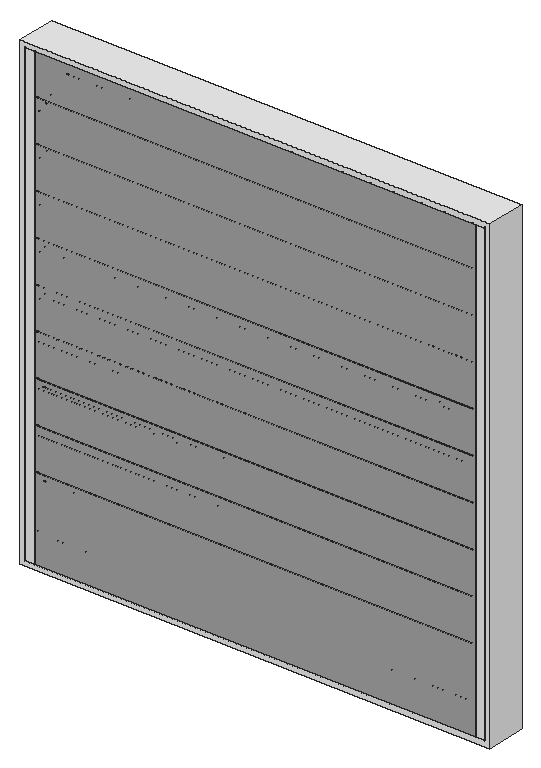
Revit family
Parameters (values of type "Louver_Combo_EBE-445_All-Lite")
  URL = "http://www.alllite-louvers.com"
  Spacing = 0.417 ft
  SmartBIM Object Version = 3  # constant formula
  SmartBIM Object Created By = "Reed Construction Data"  # constant formula
  Shim Thickness = 0.042 ft
  Screen Width = Width - (2 * Shim Thickness) - 2 * 0.083333 ft  # 3.749333 ft
  Screen Height = Height - (2 * Shim Thickness) - 2 * 0.098958 ft  # 3.718083 ft
  Screen = Aluminum
  Rough Width = 0.0 ft
  Rough Height = 0.0 ft
  Product URL = "http://www.alllite-louvers.com/catalog.php?model=EBE-445"
  Pressure Loss (in.wg.) = "0.10"  # constant formula
  OmniClass Title = "Exterior Louvers and Grilles"  # constant formula
  OmniClass Code = "23-60 11 17"  # constant formula
  Model Number = "EBE-445"  # constant formula
  Minimum Size = "12\" x 12\""
  Maximum Size - Single Section = "48\" x 120\""
  Maximum Size - Multiple Section = "Unlimited"
  Manufacturer = "All-Lite"  # constant formula
  Louver Width = Width - (2 * Shim Thickness) - 0.166667 ft  # 3.749333 ft
  Louver = Mill finish, 6063-T5 Extruded Aluminum
  Installation = "http://www.alllite-louvers.com/catalog/Installation.pdf"
  Height = 4.0 ft
  Free Area for 48”x48” Louver = "49.4%"
  Free Area Velocity (fpm) = "689"  # constant formula
  Free Area (ft²) for 48"x48" Louver = 7.9 ft
  Frame = Mill finish, 6063-T5 Extruded Aluminum
  Default Sill Height = 3.0 ft
  Wall Closure = (empty or 0)
  Width = 4.0 ft
  Cut Sheet = "http://www.alllite-louvers.com/catalog/AEBE445.pdf"
  Assembly Code = "B2010300"
  Air Volume Delivered (cfm) = "5,396"  # constant formula
  95 CSI = "10200 "  # constant formula
  04 CSI = "08 91 00"  # constant formula
  # of Louvers = (Height - 0.25 ft) / (Spacing)  # 9
Reference planes (ft)
  plane 1 "Center (Front/Back)": y = 0
  plane 2: z = 0.291667
  plane 3 "Center (Left/Right)": x = 0
  plane 4 "Left": x = -2
  plane 5 "Right": x = 2
  plane 6 "Sill": z = 3.291667
  plane 7 "Top": z = 7.291667
  plane 8: x = -1.958
  plane 9: x = 1.958
  plane 10: z = 7.249667
  plane 11: z = 3.333667
  plane 12: z = 5.291667
  plane 13: z = 6.930506
  plane 14: z = 6.513839
  plane 15: z = 3.652827
Forms (ft)
  Sweep 1, solid, material "Mill finish, 6063-T5 Extruded Aluminum" <- "Frame"
    path origin (-5, 0.333333, 0) x (-1, 0, 0) y (0, 0, 1)
      loop
        line (-6.874667, 7.249667) -> (-3.125333, 7.249667)
    profile "Head Horizontal Mullion : Head Horizontal Mullion" origin (0, 0.333333, 7.249667) x (0, 0, 1) y (0, 1, 0)
      loop
        arc (-0.070516, -0.250143) -> (-0.066098, -0.250275) -> (-0.065966, -0.245857) r 0.003125
        arc (-0.065966, -0.245857) -> (-0.072458, -0.24206) -> (-0.079973, -0.242379) r 0.013333
        arc (-0.079973, -0.242379) -> (-0.082687, -0.24204) -> (-0.084094, -0.239694) r 0.003125
        line (-0.084094, -0.239694) -> (-0.091772, -0.151927) -> (-0.077226, -0.00675) -> (-0.00675, -0.00675) -> (-0.00675, -0.03125) -> (0, -0.03125) -> (0, 0) -> (-0.083333, 0) -> (-0.098239, -0.148762)
        arc (-0.098239, -0.148762) -> (-0.100294, -0.151392) -> (-0.103551, -0.150667) r 0.003125
        line (-0.103551, -0.150667) -> (-0.252247, -0.002871)
        arc (-0.252247, -0.002871) -> (-0.255444, -0.000746) -> (-0.259209, 0) r 0.009875
        line (-0.259209, 0) -> (-0.315786, 0)
        arc (-0.315786, 0) -> (-0.319161, -0.003375) -> (-0.315786, -0.00675) r 0.003375
        line (-0.315786, -0.00675) -> (-0.25792, -0.00675) -> (-0.203148, -0.06119)
        arc (-0.203148, -0.06119) -> (-0.202259, -0.06386) -> (-0.203876, -0.066162) r 0.003125
        arc (-0.203876, -0.066162) -> (-0.205688, -0.067329) -> (-0.207288, -0.068774) r 0.013333
        arc (-0.207288, -0.068774) -> (-0.207157, -0.073191) -> (-0.202739, -0.07306) r 0.003125
        arc (-0.202739, -0.07306) -> (-0.1905, -0.077917) -> (-0.202739, -0.082774) r 0.007083
        arc (-0.202739, -0.082774) -> (-0.207157, -0.082642) -> (-0.207288, -0.08706) r 0.003125
        arc (-0.207288, -0.08706) -> (-0.195788, -0.091129) -> (-0.18579, -0.084138) r 0.013333
        arc (-0.18579, -0.084138) -> (-0.183498, -0.082507) -> (-0.180823, -0.08338) r 0.003125
        line (-0.180823, -0.08338) -> (-0.099031, -0.164677)
        arc (-0.099031, -0.164677) -> (-0.097676, -0.166602) -> (-0.097065, -0.168876) r 0.00675
        line (-0.097065, -0.168876) -> (-0.083333, -0.325833) -> (0, -0.325833) -> (0, -0.294583) -> (-0.00675, -0.294583) -> (-0.00675, -0.319083) -> (-0.077148, -0.319083) -> (-0.081308, -0.271536)
        arc (-0.081308, -0.271536) -> (-0.08033, -0.268982) -> (-0.077716, -0.268176) r 0.003125
        arc (-0.077716, -0.268176) -> (-0.071343, -0.267611) -> (-0.065966, -0.264143) r 0.013333
        arc (-0.065966, -0.264143) -> (-0.066098, -0.259725) -> (-0.070516, -0.259857) r 0.003125
        arc (-0.070516, -0.259857) -> (-0.082755, -0.255) -> (-0.070516, -0.250143) r 0.007083
  Sweep 2, solid, material "Mill finish, 6063-T5 Extruded Aluminum" <- "Frame"
    path origin (-5, 0.333333, 0) x (-1, 0, 0) y (0, 0, 1)
      loop
        line (-6.874667, 3.333667) -> (-3.125333, 3.333667)
    profile "Horizontal Mullion : Horizontal Mullion" origin (0, 0.333333, 3.333667) x (0, 0, 1) y (0, 1, 0)
      loop
        arc (0.070516, -0.07569) -> (0.066098, -0.075559) -> (0.065966, -0.079976) r 0.003125
        arc (0.065966, -0.079976) -> (0.072458, -0.083774) -> (0.079973, -0.083454) r 0.013333
        arc (0.079973, -0.083454) -> (0.082687, -0.083794) -> (0.084094, -0.086139) r 0.003125
        line (0.084094, -0.086139) -> (0.091772, -0.173906) -> (0.077226, -0.319083) -> (0.00675, -0.319083) -> (0.00675, -0.294583) -> (0, -0.294583) -> (0, -0.325833) -> (0.083333, -0.325833) -> (0.098239, -0.177072)
        arc (0.098239, -0.177072) -> (0.100294, -0.174442) -> (0.103551, -0.175167) r 0.003125
        line (0.103551, -0.175167) -> (0.252247, -0.322962)
        arc (0.252247, -0.322962) -> (0.255444, -0.325087) -> (0.259209, -0.325833) r 0.009875
        line (0.259209, -0.325833) -> (0.315786, -0.325833)
        arc (0.315786, -0.325833) -> (0.319161, -0.322458) -> (0.315786, -0.319083) r 0.003375
        line (0.315786, -0.319083) -> (0.25792, -0.319083) -> (0.203148, -0.264643)
        arc (0.203148, -0.264643) -> (0.202259, -0.261974) -> (0.203876, -0.259672) r 0.003125
        arc (0.203876, -0.259672) -> (0.205688, -0.258504) -> (0.207288, -0.25706) r 0.013333
        arc (0.207288, -0.25706) -> (0.207157, -0.252642) -> (0.202739, -0.252774) r 0.003125
        arc (0.202739, -0.252774) -> (0.1905, -0.247917) -> (0.202739, -0.24306) r 0.007083
        arc (0.202739, -0.24306) -> (0.207157, -0.243191) -> (0.207288, -0.238774) r 0.003125
        arc (0.207288, -0.238774) -> (0.195788, -0.234705) -> (0.18579, -0.241695) r 0.013333
        arc (0.18579, -0.241695) -> (0.183498, -0.243326) -> (0.180823, -0.242454) r 0.003125
        line (0.180823, -0.242454) -> (0.099031, -0.161157)
        arc (0.099031, -0.161157) -> (0.097676, -0.159231) -> (0.097065, -0.156958) r 0.00675
        line (0.097065, -0.156958) -> (0.083333, 0) -> (0, 0) -> (0, -0.03125) -> (0.00675, -0.03125) -> (0.00675, -0.00675) -> (0.077148, -0.00675) -> (0.081308, -0.054297)
        arc (0.081308, -0.054297) -> (0.08033, -0.056852) -> (0.077716, -0.057658) r 0.003125
        arc (0.077716, -0.057658) -> (0.071343, -0.058222) -> (0.065966, -0.06169) r 0.013333
        arc (0.065966, -0.06169) -> (0.066098, -0.066108) -> (0.070516, -0.065976) r 0.003125
        arc (0.070516, -0.065976) -> (0.082755, -0.070833) -> (0.070516, -0.07569) r 0.007083
  Sweep 3, solid, material "Mill finish, 6063-T5 Extruded Aluminum" <- "Frame"
    path origin (-5, 0.333333, 0) x (-1, 0, 0) y (0, 0, 1)
      loop
        line (-6.958, 3.333667) -> (-6.958, 7.249667)
    profile "Vertical Mullion : Vertical Mullion" origin (1.958, 0.333333, 5.291667) x (1, 0, 0) y (0, 1, 0)
      loop
        line (-0.010417, -0.010417) -> (-0.010417, -0.041667) -> (0, -0.041667) -> (0, 0) -> (-0.083333, 0) -> (-0.083333, -0.333247) -> (0, -0.333247) -> (0, -0.291581) -> (-0.010417, -0.291581) -> (-0.010417, -0.322831) -> (-0.072917, -0.322831) -> (-0.072917, -0.010417) -> (-0.010417, -0.010417)
  Sweep 4, solid, material "Mill finish, 6063-T5 Extruded Aluminum" <- "Frame"
    path origin (5, 0.333333, 0) x (1, 0, 0) y (0, 0, -1)
      loop
        line (-6.958, -3.333667) -> (-6.958, -7.249667)
    profile "Vertical Mullion : Vertical Mullion" origin (-1.958, 0.333333, 5.291667) x (1, 0, 0) y (0, 1, 0)
      loop
        line (0.010417, -0.010417) -> (0.072917, -0.010417) -> (0.072917, -0.322831) -> (0.010417, -0.322831) -> (0.010417, -0.291581) -> (0, -0.291581) -> (0, -0.333247) -> (0.083333, -0.333247) -> (0.083333, 0) -> (0, 0) -> (0, -0.041667) -> (0.010417, -0.041667) -> (0.010417, -0.010417)
  Sweep 5, solid, material "Mill finish, 6063-T5 Extruded Aluminum" <- "Frame"
    path origin (-5, 0.333333, 0) x (-1, 0, 0) y (0, 0, 1)
      loop
        line (-3, 7.291667) -> (-7, 7.291667) -> (-7, 3.291667) -> (-3, 3.291667) -> (-3, 7.291667)
    profile origin (-2, 0.333333, 5.291667) x (0, 1, 0) y (-1, 0, 0)
      loop
        line (0, 0) -> (-0.333333, 0) -> (-0.333333, -0.042) -> (0, -0.042) -> (0, 0)
  Extrusion 6, solid, material "Aluminum" <- "Screen"
    sketch origin (1.385417, 0.0075, 7.25) x (-1, 0, 0) y (0, 0, -1)
      loop
        line (3.260083, 0.000333) -> (3.260083, 3.916333) -> (-0.48925, 3.916333) -> (-0.48925, 0.000333) -> (3.260083, 0.000333)
    from 0.007414 to 0
Cuts and joins
  joined: Sweep 2, Sweep 3, Sweep 4
Lines and regions (ft)
  Opening 1
    outline origin (-5, -0.333333, 0) x (1, 0, 0) y (0, 0, 1)
      loop
        line (3, 7.291667) -> (3, 3.291667) -> (7, 3.291667) -> (7, 7.291667) -> (3, 7.291667)
  Masking region 1, detail levels coarse+medium
    outline origin (0, 0, 0) x (1, 0, 0) y (0, 1, 0)
      loop
        line (-1.874667, 0.000086) -> (-1.874667, 0.333333) -> (-2, 0.333333) -> (-2, 0.000086) -> (-1.874667, 0.000086)
      loop
        line (2, 0) -> (2, 0.333333) -> (1.874667, 0.333333) -> (1.874667, 0) -> (2, 0)
  Masking region 2, detail levels fine
    outline origin (0, 0, 0) x (1, 0, 0) y (0, 1, 0)
      loop
        line (1.885083, 0.322917) -> (1.947583, 0.322917) -> (1.947583, 0.291667) -> (1.958, 0.291667) -> (1.958, 0.333333) -> (1.874667, 0.333333) -> (1.874667, 0) -> (1.958, 0) -> (1.958, 0.041753) -> (1.947583, 0.041753) -> (1.947583, 0.010503) -> (1.885083, 0.010503) -> (1.885083, 0.322917)
      loop
        line (-1.947583, 0.322917) -> (-1.885083, 0.322917) -> (-1.885083, 0.010503) -> (-1.947583, 0.010503) -> (-1.947583, 0.041753) -> (-1.958, 0.041753) -> (-1.958, 0) -> (-1.874667, 0) -> (-1.874667, 0.333333) -> (-1.958, 0.333333) -> (-1.958, 0.291667) -> (-1.947583, 0.291667) -> (-1.947583, 0.322917)
Text (ft)
  text "EXTERIOR" at (-4.890733, 4.242245, 0), in view "Ref. Level"
  text "INTERIOR" at (-4.890733, -3.147199, 0), in view "Ref. Level"
  text "Exterior" at (0, 3.638026, 10.266337), in view "Left"
  text "Exterior" at (0, 1.524487, 10.420622), in view "Right"
Dimensions and locks (ft)
  equal spacing: plane 4 "Left", plane 3 "Center (Left/Right)", plane 5 "Right"
  "Width": plane 4 "Left" to plane 5 "Right"
  "Height": plane 6 "Sill" to plane 7 "Top"
  "Default Sill Height": plane 2 to plane 6 "Sill"
  "Shim Thickness": plane 4 "Left" to plane 8
  "Shim Thickness": plane 9 to plane 5 "Right"
  "Shim Thickness": plane 10 to plane 7 "Top"
  "Shim Thickness": plane 6 "Sill" to plane 11
  equal spacing: plane 11, plane 12, plane 10
  Sweep 5 to Sweep 5 = 0.333333 ft
  locked: plane 10 to plane 13 at 0.319161
  locked: plane 13 to plane 14 at 0.416667
  locked: plane 11 to plane 15 at 0.319161
  equal spacing: group 1, group 3, group 4, group 5, group 6, group 7, group 8, group 9, group 2  (x2)
  equal spacing: group 2, group 9, group 8, group 7, group 6, group 5, group 4, group 3, group 1
  aligned and locked: plane 7 "Top" to Opening 1 sketch curve
  aligned and locked: plane 6 "Sill" to Opening 1 sketch curve  (x2)
  aligned and locked: plane 5 "Right" to Opening 1 sketch curve
  aligned and locked: plane 4 "Left" to Opening 1 sketch curve
  aligned and locked: plane 10 to Sweep 1 sketch curve
  aligned and locked: Sweep 2 sketch curve to plane 11
  aligned and locked: plane 9 to Sweep 3 sketch curve
  aligned and locked: Sweep 4 sketch curve to plane 8
  aligned and locked: Sweep 5 sketch curve to plane 4 "Left"
  aligned and locked: Sweep 5 sketch curve to plane 7 "Top"
  aligned and locked: Sweep 5 sketch curve to plane 6 "Sill"
  aligned and locked: Sweep 5 sketch curve to plane 5 "Right"
  aligned and locked: Sweep 5 sketch curve to host wall  (x2)
  aligned and locked: plane 8 to Sweep 5 sketch curve
  aligned and locked: plane 10 to Sweep 4 sketch curve
  aligned and locked: profile plane to host wall
  aligned and locked: Sweep 1 sketch curve to cut or joined group of Sweep 2, Sweep 3, Sweep 4  (x2)
  aligned and locked: plane 11 to Sweep 4 sketch curve
  aligned and locked: plane 11 to Sweep 3 sketch curve
  aligned and locked: plane 14 to nested 1
  aligned and locked: Sweep 5 to nested 1
  aligned and locked: nested 2 to plane 15
  aligned and locked: Sweep 5 to nested 2
  aligned and locked: cut or joined group of Sweep 2, Sweep 3, Sweep 4 to Extrusion 6 sketch curve
  aligned and locked: Extrusion 6 to Sweep 1
  aligned and locked: cut or joined group of Sweep 2, Sweep 3, Sweep 4 to Extrusion 6
  aligned and locked: Sweep 5 to Extrusion 6 sketch curve  (x2)
  aligned and locked: Extrusion 6 sketch curve to cut or joined group of Sweep 2, Sweep 3, Sweep 4
  aligned and locked: Masking region 1 sketch curve to cut or joined group of Sweep 2, Sweep 3, Sweep 4  (x3)
  aligned and locked: Masking region 1 sketch curve to Extrusion 6
  aligned and locked: Masking region 1 sketch curve to host wall
  aligned and locked: host wall to Masking region 1 sketch curve
  aligned and locked: Masking region 1 sketch curve to Sweep 5  (x2)
  aligned and locked: Masking region 2 sketch curve to cut or joined group of Sweep 2, Sweep 3, Sweep 4  (x15)
  aligned and locked: Masking region 2 sketch curve to nested 2  (x2)
  aligned and locked: Sweep 5 to Masking region 2 sketch curve  (x4)
  aligned and locked: Masking region 2 sketch curve to plane 8
Automatic sketch dimensions
  Sweep 3 sketch curve to plane 10 = 0.0 ft
  plane 9 to Sweep 2 sketch curve = 0.083333 ft
  plane 8 to Sweep 2 sketch curve = 0.083333 ft
  Masking region 2 sketch curve to plane 9 = 0.0 ft
  Masking region 2 sketch curve to host wall = 0.0 ft
Nested families (ft)
  nested 1: "Louver Single" at (0, 0.25273, 6.513839), type "Louver"
  nested 2: "Louver Single" at (0, 0.25273, 3.652827), type "Louver"
  nested 3: "Louver Single" at (0, 0.25273, 6.156213), type "Louver"
  nested 4: "Louver Single" at (0, 0.25273, 5.798586), type "Louver"
  nested 5: "Louver Single" at (0, 0.25273, 5.44096), type "Louver"
  nested 6: "Louver Single" at (0, 0.25273, 5.083333), type "Louver"
  nested 7: "Louver Single" at (0, 0.25273, 4.725707), type "Louver"
  nested 8: "Louver Single" at (0, 0.25273, 4.36808), type "Louver"
  nested 9: "Louver Single" at (0, 0.25273, 4.010454), type "Louver"
Connectors (ft)
  hvac at (0, 0.0075, 5.291667), driven by "Screen Height", driven by "Screen Width"
    settings: on Extrusion 6, index 1
Definition of nested family "Louver Single"
  Parameters (values of type "Louver")
    Louver Length = 3.75 ft
    Depth = 0.333333 ft
    Louver Single = yes
    Louver = none
    Assembly Code = ""
  Reference planes (ft)
    plane 1 "Center (Front/Back)": y = -0.085938
    plane 2: z = 0
    plane 3 "Center (Left/Right)": x = 0
    plane 4: x = -1.875
    plane 5: x = 1.875
    plane 6: y = -0.24523
    plane 7: z = 0.44375
  Forms (ft)
    Extrusion 1, solid, material <- "Louver"
      sketch origin (0, -0.243702, 0.474531) x (0, 1, 0) y (0, 0, 1)
        loop
          line (0.089076, -0.154919) -> (0.006535, -0.090431)
          arc (0.006535, -0.090431) -> (0.005568, -0.089236) -> (0.005222, -0.087739) r 0.003417
          line (0.005222, -0.087739) -> (0.005222, -0.034156)
          arc (0.005222, -0.034156) -> (0.001847, -0.030781) -> (-0.001528, -0.034156) r 0.003375
          line (-0.001528, -0.034156) -> (-0.001528, -0.089405)
          arc (-0.001528, -0.089405) -> (-0.000845, -0.092364) -> (0.001066, -0.094724) r 0.00675
          line (0.001066, -0.094724) -> (0.079176, -0.15575)
          arc (0.079176, -0.15575) -> (0.076742, -0.162083) -> (0.076659, -0.168866) r 0.019225
          arc (0.076659, -0.168866) -> (0.067245, -0.172316) -> (0.062635, -0.181219) r 0.013833
          arc (0.062635, -0.181219) -> (0.06563, -0.184936) -> (0.069346, -0.181941) r 0.003375
          arc (0.069346, -0.181941) -> (0.081497, -0.17779) -> (0.076862, -0.189765) r 0.007083
          arc (0.076862, -0.189765) -> (0.07372, -0.193358) -> (0.077313, -0.1965) r 0.003375
          arc (0.077313, -0.1965) -> (0.08321, -0.194732) -> (0.087756, -0.190581) r 0.013833
          arc (0.087756, -0.190581) -> (0.090197, -0.18916) -> (0.092852, -0.190123) r 0.003333
          line (0.092852, -0.190123) -> (0.246046, -0.343317)
          arc (0.246046, -0.343317) -> (0.247009, -0.345972) -> (0.245589, -0.348413) r 0.003333
          arc (0.245589, -0.348413) -> (0.241437, -0.35296) -> (0.23967, -0.358857) r 0.013833
          arc (0.23967, -0.358857) -> (0.242812, -0.36245) -> (0.246405, -0.359308) r 0.003375
          arc (0.246405, -0.359308) -> (0.258481, -0.354772) -> (0.253945, -0.366848) r 0.007083
          arc (0.253945, -0.366848) -> (0.250803, -0.370441) -> (0.254396, -0.373583) r 0.003375
          arc (0.254396, -0.373583) -> (0.260293, -0.371815) -> (0.264839, -0.367664) r 0.013833
          arc (0.264839, -0.367664) -> (0.26728, -0.366243) -> (0.269935, -0.367206) r 0.003333
          line (0.269935, -0.367206) -> (0.316567, -0.413838)
          arc (0.316567, -0.413838) -> (0.317299, -0.414933) -> (0.317555, -0.416224) r 0.003375
          line (0.317555, -0.416224) -> (0.317555, -0.46821)
          arc (0.317555, -0.46821) -> (0.319147, -0.474294) -> (0.324305, -0.470697) r 0.003833
          line (0.324305, -0.470697) -> (0.324305, -0.414826)
          arc (0.324305, -0.414826) -> (0.323792, -0.412243) -> (0.322328, -0.410053) r 0.00675
          line (0.322328, -0.410053) -> (0.088139, -0.175864)
          arc (0.088139, -0.175864) -> (0.083018, -0.165141) -> (0.089076, -0.154919) r 0.012617
      from -1.875 to 1.875
    Extrusion 2, solid, material <- "Louver"
      sketch origin (0, 0.449894, 0.672933) x (0, 1, 0) y (0, 0, 1)
        loop
          arc (-0.671865, -0.051574) -> (-0.672606, -0.052767) -> (-0.671888, -0.053975) r 0.001353
          arc (-0.671888, -0.053975) -> (-0.652277, -0.033287) -> (-0.679768, -0.04091) r 0.014792
          line (-0.679768, -0.04091) -> (-0.679768, -0.232917) -> (-0.691611, -0.293844)
          arc (-0.691611, -0.293844) -> (-0.690206, -0.294003) -> (-0.689307, -0.292912) r 0.001482
          line (-0.689307, -0.292912) -> (-0.677661, -0.232999) -> (-0.677661, -0.04091)
          arc (-0.677661, -0.04091) -> (-0.653787, -0.034841) -> (-0.671865, -0.051574) r 0.012708
      from -1.875 to 1.875
  Dimensions and locks (ft)
    equal spacing: plane 4, plane 3 "Center (Left/Right)", plane 5
    "Louver Length": plane 4 to plane 5
    aligned and locked: Extrusion 1 to plane 4
    aligned and locked: plane 5 to Extrusion 1
    aligned and locked: Extrusion 2 to plane 4
    aligned and locked: plane 5 to Extrusion 2
  Automatic sketch dimensions
    Extrusion 1 sketch curve to Extrusion 1 sketch curve = 0.0 ft  (x23)
    plane 6 to Extrusion 1 sketch curve = 0.064162 ft
    Extrusion 1 sketch curve to Extrusion 1 sketch curve = 0.003356 ft
    Extrusion 1 sketch curve to Extrusion 1 sketch curve = 0.007313 ft
    Extrusion 1 sketch curve to Extrusion 1 sketch curve = 0.000473 ft  (x2)
    Extrusion 1 sketch curve to Extrusion 1 sketch curve = 0.000225 ft  (x3)
    Extrusion 1 sketch curve to Extrusion 1 sketch curve = 0.012417 ft
    Extrusion 1 sketch curve to Extrusion 1 sketch curve = 0.01175 ft
    Extrusion 1 sketch curve to Extrusion 1 sketch curve = 0.002739 ft  (x3)
    Extrusion 1 sketch curve to Extrusion 1 sketch curve = 0.002357 ft  (x3)
    Extrusion 1 sketch curve to Extrusion 1 sketch curve = 0.006546 ft
    plane 6 to Extrusion 1 sketch curve = 0.241198 ft
    Extrusion 1 sketch curve to Extrusion 1 sketch curve = 0.000652 ft  (x3)
    Extrusion 1 sketch curve to Extrusion 1 sketch curve = 0.0019 ft  (x3)
    Extrusion 1 sketch curve to Extrusion 1 sketch curve = 0.046602 ft
    Extrusion 1 sketch curve to Extrusion 1 sketch curve = 0.002386 ft
    Extrusion 1 sketch curve to Extrusion 1 sketch curve = 0.000989 ft
    Extrusion 1 sketch curve to Extrusion 1 sketch curve = 0.002917 ft
    Extrusion 1 sketch curve to Extrusion 1 sketch curve = 0.003833 ft
    Extrusion 1 sketch curve to Extrusion 1 sketch curve = 0.001977 ft
    level to Extrusion 1 sketch curve = 0.003833 ft
    Extrusion 1 sketch curve to Extrusion 1 sketch curve = 0.051985 ft
    Extrusion 1 sketch curve to Extrusion 1 sketch curve = 0.001398 ft
    Extrusion 1 sketch curve to Extrusion 1 sketch curve = 0.042641 ft
    Extrusion 1 sketch curve to Extrusion 1 sketch curve = 0.149175 ft
    Extrusion 1 sketch curve to Extrusion 1 sketch curve = 0.000361 ft
    Extrusion 1 sketch curve to Extrusion 1 sketch curve = 0.006833 ft
    Extrusion 1 sketch curve to Extrusion 1 sketch curve = 0.010158 ft
    Extrusion 1 sketch curve to Extrusion 1 sketch curve = 0.0099 ft
    Extrusion 1 sketch curve to Extrusion 1 sketch curve = 0.07811 ft
    Extrusion 1 sketch curve to Extrusion 1 sketch curve = 0.061026 ft
    Extrusion 1 sketch curve to Extrusion 1 sketch curve = 0.004293 ft
    Extrusion 1 sketch curve to Extrusion 1 sketch curve = 0.001313 ft
    Extrusion 1 sketch curve to Extrusion 1 sketch curve = 0.053583 ft
    Extrusion 1 sketch curve to Extrusion 1 sketch curve = 0.002594 ft
    Extrusion 1 sketch curve to Extrusion 1 sketch curve = 0.002104 ft
    Extrusion 1 sketch curve to Extrusion 1 sketch curve = 0.003375 ft
    Extrusion 2 sketch curve to Extrusion 2 sketch curve = 0.0 ft  (x4)
    plane 6 to Extrusion 2 sketch curve = 0.003513 ft
    Extrusion 2 sketch curve to Extrusion 2 sketch curve = 0.000848 ft
    Extrusion 2 sketch curve to Extrusion 2 sketch curve = 0.011843 ft
    Extrusion 2 sketch curve to Extrusion 2 sketch curve = 0.000023 ft  (x2)
    Extrusion 2 sketch curve to Extrusion 2 sketch curve = 0.002083 ft
    Extrusion 2 sketch curve to Extrusion 2 sketch curve = 0.005773 ft
    Extrusion 2 sketch curve to Extrusion 2 sketch curve = 0.000634 ft
    level to Extrusion 2 sketch curve = 0.380021 ft
    Extrusion 2 sketch curve to Extrusion 2 sketch curve = 0.000283 ft
    Extrusion 2 sketch curve to Extrusion 2 sketch curve = 0.001216 ft
    Extrusion 2 sketch curve to Extrusion 2 sketch curve = 0.059913 ft
    Extrusion 2 sketch curve to Extrusion 2 sketch curve = 0.000082 ft
    level to Extrusion 2 sketch curve = 0.618958 ft
